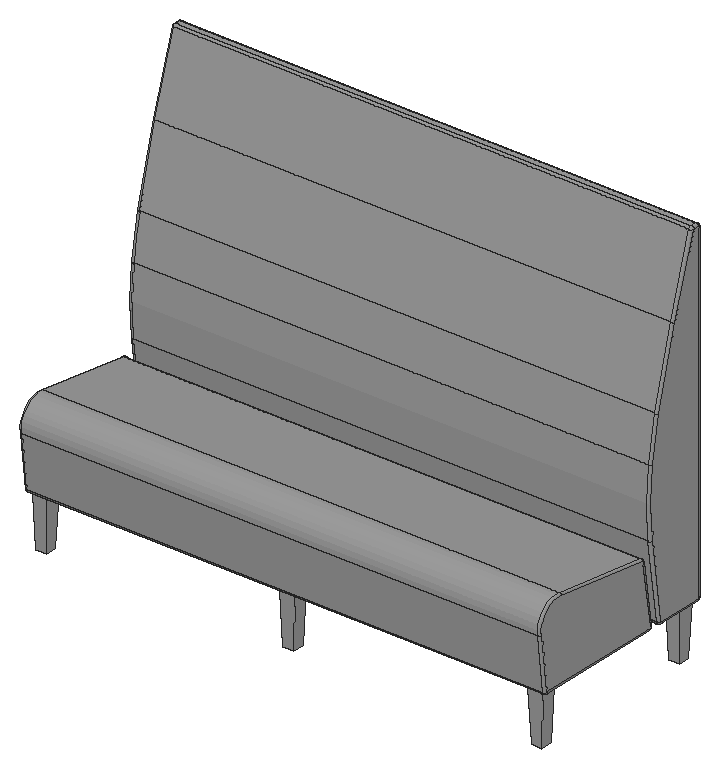
Revit family "Rise Booth_RS-7254", category Furniture, Revit 2023
Family settings
  OmniClass Number = 23.40.20.00
  OmniClass Title = General Furniture and Specialties
  Work Plane-Based = No
  Enable Cutting in Views = No
  Always vertical = Yes
  Cut with Voids When Loaded = No
  Render Appearance Source = Family Geometry
  Shared = No
  Room Calculation Point = No
Parameters
  Wooden Legs = WOOD
  Width = 72"
  Seat Fabrics = FABRICS TYPE 2
  Metal Black = METAL
  Length = 28"
  Height = 54"
  Default Elevation = 0"
  Back fabrics = FABRICS TYPE 1
Reference planes (in)
  plane 1 "Center Front/Back": y = 0
  plane 2: z = 0
  plane 3 "Center Left/Right": x = 0
  plane 4: x = -36
  plane 5: x = 36
  plane 6: y = 14
  plane 7: y = -14
  plane 8: y = 4
  plane 9: z = 54
  plane 10: z = 7.125
  plane 11: z = 18
Forms (in)
  Extrusion 1, solid, material "FABRICS TYPE 1" <- "Back fabrics"
    sketch origin (0, 0, 0) x (0, 1, 0) y (0, 0, 1)
      loop
        arc (14, 53.55225) -> (13.86886, 53.86886) -> (13.55225, 54) r 0.44775
        line (13.55225, 54) -> (12.79202, 54)
        arc (12.79202, 54) -> (12.55679, 53.92313) -> (12.41234, 53.72219) r 0.39835
        line (12.41234, 53.72219) -> (9.21261, 43.64361)
        arc (9.21261, 43.64361) -> (7.73814, 38.60349) -> (6.49501, 33.50139) r 115.13526
        arc (6.49501, 33.50139) -> (5.91253, 30.55781) -> (5.45312, 27.59254) r 72.04601
        arc (5.45312, 27.59254) -> (5.10664, 22.87975) -> (5.32202, 18.15915) r 39.73902
        arc (5.32202, 18.15915) -> (5.98315, 12.80974) -> (6.83509, 7.48739) r 150.7521
        arc (6.83509, 7.48739) -> (6.98564, 7.22756) -> (7.26787, 7.125) r 0.43962
        line (7.26787, 7.125) -> (13.5, 7.125)
        arc (13.5, 7.125) -> (13.85355, 7.27145) -> (14, 7.625) r 0.5
        line (14, 7.625) -> (14, 53.55225)
    from -36 to 36
  Extrusion 2, solid, material "FABRICS TYPE 2" <- "Seat Fabrics"
    sketch origin (0, 0, 0) x (0, 1, 0) y (0, 0, 1)
      loop
        line (-12.56138, 7.125) -> (5.07115, 7.125)
        arc (5.07115, 7.125) -> (5.51314, 7.33712) -> (5.62418, 7.81463) r 0.56656
        arc (5.62418, 7.81463) -> (4.82944, 11.97739) -> (4.28857, 16.18068) r 69.86093
        arc (4.28857, 16.18068) -> (4.15185, 16.47799) -> (3.86054, 16.62707) r 0.5
        line (3.86054, 16.62707) -> (-10.07446, 18.5855)
        arc (-10.07446, 18.5855) -> (-12.88253, 17.65503) -> (-13.84567, 14.85799) r 3.33442
        line (-13.84567, 14.85799) -> (-12.88757, 7.41191)
        arc (-12.88757, 7.41191) -> (-12.77859, 7.20693) -> (-12.56138, 7.125) r 0.32888
    from -36 to 36
  Blend 3, solid, material "WOOD" <- "Wooden Legs"
    base sketch origin (-12.125, 0.875, 0) x (1, 0, 0) y (0, 1, 0)
      loop
        line (-23.11486, -11.38619) -> (-23.11486, -13.38619) -> (-21.11486, -13.38619) -> (-21.11486, -11.38619) -> (-23.11486, -11.38619)
    top sketch origin (-12.125, 0.875, 0) x (1, 0, 0) y (0, 1, 0)
      loop
        line (-22.88259, -11.62525) -> (-22.88259, -13.12525) -> (-21.38259, -13.12525) -> (-21.38259, -11.62525) -> (-22.88259, -11.62525)
    from 7.125 to 0
  Blend 4, solid, material "WOOD" <- "Wooden Legs"
    base sketch origin (12.1875, 0.875, 0) x (-1, 0, 0) y (0, -1, 0)
      loop
        line (-23.11486, 11.38619) -> (-21.11486, 11.38619) -> (-21.11486, 13.38619) -> (-23.11486, 13.38619) -> (-23.11486, 11.38619)
    top sketch origin (12.1875, 0.875, 0) x (-1, 0, 0) y (0, -1, 0)
      loop
        line (-22.88259, 11.62525) -> (-21.38259, 11.62525) -> (-21.38259, 13.12525) -> (-22.88259, 13.12525) -> (-22.88259, 11.62525)
    from 7.125 to 0
  Blend 5, solid, material "WOOD" <- "Wooden Legs"
    base sketch origin (-12.125, -0.125, 0) x (1, 0, 0) y (0, 1, 0)
      loop
        line (-23.11486, 11.38619) -> (-21.11486, 11.38619) -> (-21.11486, 13.38619) -> (-23.11486, 13.38619) -> (-23.11486, 11.38619)
    top sketch origin (-12.125, -0.125, 0) x (1, 0, 0) y (0, 1, 0)
      loop
        line (-22.88259, 11.62525) -> (-21.38259, 11.62525) -> (-21.38259, 13.12525) -> (-22.88259, 13.12525) -> (-22.88259, 11.62525)
    from 7.125 to 0
  Blend 6, solid, material "WOOD" <- "Wooden Legs"
    base sketch origin (12.1875, -0.125, 0) x (-1, 0, 0) y (0, -1, 0)
      loop
        line (-23.11486, -11.38619) -> (-23.11486, -13.38619) -> (-21.11486, -13.38619) -> (-21.11486, -11.38619) -> (-23.11486, -11.38619)
    top sketch origin (12.1875, -0.125, 0) x (-1, 0, 0) y (0, -1, 0)
      loop
        line (-22.88259, -11.62525) -> (-22.88259, -13.12525) -> (-21.38259, -13.12525) -> (-21.38259, -11.62525) -> (-22.88259, -11.62525)
    from 7.125 to 0
  Extrusion 7, solid, material "METAL" <- "Metal Black"
    sketch origin (0, 0, 0) x (0, 1, 0) y (0, 0, 1)
      loop
        line (5.61567, 7.85565) -> (6.81303, 7.85565)
        arc (6.81303, 7.85565) -> (6.64408, 8.90822) -> (6.4795, 9.96148) r 256.70841
        line (6.4795, 9.96148) -> (5.16771, 9.96148)
        arc (5.16771, 9.96148) -> (5.37445, 8.9049) -> (5.61567, 7.85565) r 32.88629
    from -33.23986 to 33.30236
  Blend 8, solid, material "WOOD" <- "Wooden Legs"
    base sketch origin (22.11486, 0.875, 0) x (1, 0, 0) y (0, 1, 0)
      loop
        line (-23.11486, -11.38619) -> (-23.11486, -13.38619) -> (-21.11486, -13.38619) -> (-21.11486, -11.38619) -> (-23.11486, -11.38619)
    top sketch origin (22.11486, 0.875, 0) x (1, 0, 0) y (0, 1, 0)
      loop
        line (-22.88259, -11.62525) -> (-22.88259, -13.12525) -> (-21.38259, -13.12525) -> (-21.38259, -11.62525) -> (-22.88259, -11.62525)
    from 7.125 to 0
  Blend 9, solid, material "WOOD" <- "Wooden Legs"
    base sketch origin (22.11486, -0.125, 0) x (1, 0, 0) y (0, 1, 0)
      loop
        line (-23.11486, 11.38619) -> (-21.11486, 11.38619) -> (-21.11486, 13.38619) -> (-23.11486, 13.38619) -> (-23.11486, 11.38619)
    top sketch origin (22.11486, -0.125, 0) x (1, 0, 0) y (0, 1, 0)
      loop
        line (-22.88259, 11.62525) -> (-21.38259, 11.62525) -> (-21.38259, 13.12525) -> (-22.88259, 13.12525) -> (-22.88259, 11.62525)
    from 7.125 to 0
  Sweep 10, void
    path in 3D
      loop
        arc (-36, 14, 7.625) -> (-36, 13.85355, 7.27145) -> (-36, 13.5, 7.125) r 0.5
        line (-36, 13.5, 7.125) -> (-36, 7.26787, 7.125)
        arc (-36, 7.26787, 7.125) -> (-36, 6.98564, 7.22756) -> (-36, 6.83509, 7.48739) r 0.43962
        arc (-36, 6.83509, 7.48739) -> (-36, 5.98315, 12.80974) -> (-36, 5.32202, 18.15915) r 150.7521
        arc (-36, 5.32202, 18.15915) -> (-36, 5.10664, 22.87975) -> (-36, 5.45312, 27.59254) r 39.73902
        arc (-36, 5.45312, 27.59254) -> (-36, 5.91253, 30.55781) -> (-36, 6.49501, 33.50139) r 72.04601
        arc (-36, 6.49501, 33.50139) -> (-36, 7.73814, 38.60349) -> (-36, 9.21261, 43.64361) r 115.13526
        line (-36, 9.21261, 43.64361) -> (-36, 12.41234, 53.72219)
        arc (-36, 12.41234, 53.72219) -> (-36, 12.55679, 53.92313) -> (-36, 12.79202, 54) r 0.39835
        line (-36, 12.79202, 54) -> (-36, 13.55225, 54)
        arc (-36, 13.55225, 54) -> (-36, 13.86886, 53.86886) -> (-36, 14, 53.55225) r 0.44775
        line (-36, 14, 53.55225) -> (-36, 14, 7.625)
    profile origin (-36, 14, 30.58863) x (-1, 0, 0) y (0, -1, 0)
      loop
        line (0, 0) -> (0, 0.35058)
        arc (0, 0.35058) -> (-0.10268, 0.10268) -> (-0.35058, 0) r 0.35058
        line (-0.35058, 0) -> (0, 0)
  Sweep 11, void
    path in 3D
      loop
        arc (36, 14, 53.55225) -> (36, 13.86886, 53.86886) -> (36, 13.55225, 54) r 0.44775
        line (36, 13.55225, 54) -> (36, 12.79202, 54)
        arc (36, 12.79202, 54) -> (36, 12.55679, 53.92313) -> (36, 12.41234, 53.72219) r 0.39835
        line (36, 12.41234, 53.72219) -> (36, 9.21261, 43.64361)
        arc (36, 9.21261, 43.64361) -> (36, 7.73814, 38.60349) -> (36, 6.49501, 33.50139) r 115.13526
        arc (36, 6.49501, 33.50139) -> (36, 5.91253, 30.55781) -> (36, 5.45312, 27.59254) r 72.04601
        arc (36, 5.45312, 27.59254) -> (36, 5.10664, 22.87975) -> (36, 5.32202, 18.15915) r 39.73902
        arc (36, 5.32202, 18.15915) -> (36, 5.98315, 12.80974) -> (36, 6.83509, 7.48739) r 150.7521
        arc (36, 6.83509, 7.48739) -> (36, 6.98564, 7.22756) -> (36, 7.26787, 7.125) r 0.43962
        line (36, 7.26787, 7.125) -> (36, 13.5, 7.125)
        arc (36, 13.5, 7.125) -> (36, 13.85355, 7.27145) -> (36, 14, 7.625) r 0.5
        line (36, 14, 7.625) -> (36, 14, 53.55225)
    profile origin (36, 14, 30.58863) x (0, -1, 0) y (1, 0, 0)
      loop
        line (0, 0) -> (0, -0.35035)
        arc (0, -0.35035) -> (0.10261, -0.10261) -> (0.35035, 0) r 0.35035
        line (0.35035, 0) -> (0, 0)
  Sweep 12, void
    path in 3D
      loop
        arc (-36, -12.56138, 7.125) -> (-36, -12.77859, 7.20693) -> (-36, -12.88757, 7.41191) r 0.32888
        line (-36, -12.88757, 7.41191) -> (-36, -13.84567, 14.85799)
        arc (-36, -13.84567, 14.85799) -> (-36, -12.88253, 17.65503) -> (-36, -10.07446, 18.5855) r 3.33442
        line (-36, -10.07446, 18.5855) -> (-36, 3.86054, 16.62707)
        arc (-36, 3.86054, 16.62707) -> (-36, 4.15185, 16.47799) -> (-36, 4.28857, 16.18068) r 0.5
        arc (-36, 4.28857, 16.18068) -> (-36, 4.82944, 11.97739) -> (-36, 5.62418, 7.81463) r 69.86093
        arc (-36, 5.62418, 7.81463) -> (-36, 5.51314, 7.33712) -> (-36, 5.07115, 7.125) r 0.56656
        line (-36, 5.07115, 7.125) -> (-36, -12.56138, 7.125)
    profile origin (-36, -3.74511, 7.125) x (-1, 0, 0) y (0, 0, -1)
      loop
        line (0, 0) -> (-0.30174, 0)
        arc (-0.30174, 0) -> (-0.08838, -0.08838) -> (0, -0.30174) r 0.30174
        line (0, -0.30174) -> (0, 0)
  Sweep 13, void
    path in 3D
      loop
        arc (36, 5.07115, 7.125) -> (36, 5.51314, 7.33712) -> (36, 5.62418, 7.81463) r 0.56656
        arc (36, 5.62418, 7.81463) -> (36, 4.82944, 11.97739) -> (36, 4.28857, 16.18068) r 69.86093
        arc (36, 4.28857, 16.18068) -> (36, 4.15185, 16.47799) -> (36, 3.86054, 16.62707) r 0.5
        line (36, 3.86054, 16.62707) -> (36, -10.07446, 18.5855)
        arc (36, -10.07446, 18.5855) -> (36, -12.88253, 17.65503) -> (36, -13.84567, 14.85799) r 3.33442
        line (36, -13.84567, 14.85799) -> (36, -12.88757, 7.41191)
        arc (36, -12.88757, 7.41191) -> (36, -12.77859, 7.20693) -> (36, -12.56138, 7.125) r 0.32888
        line (36, -12.56138, 7.125) -> (36, 5.07115, 7.125)
    profile origin (36, -3.74511, 7.125) x (1, 0, 0) y (0, 0, -1)
      loop
        line (0, 0) -> (-0.29632, 0)
        arc (-0.29632, 0) -> (-0.08679, -0.08679) -> (0, -0.29632) r 0.29632
        line (0, -0.29632) -> (0, 0)
Cuts and joins
  Sweep 10, Sweep 11 cuts Extrusion 1
  Sweep 12, Sweep 13 cuts Extrusion 2
Lines and regions (in)
  sketch lines
    curve 1: line (-36, 14, 53.55225) -> (-36, 14, 7.625)
    curve 2: arc (-36, 13.5, 7.125) -> (-36, 13.85355, 7.27145) -> (-36, 14, 7.625) r 0.5
    curve 3: line (-36, 13.5, 7.125) -> (-36, 7.26787, 7.125)
    curve 4: arc (-36, 6.83509, 7.48739) -> (-36, 6.98564, 7.22756) -> (-36, 7.26787, 7.125) r 0.43962
    curve 5: arc (-36, 5.32202, 18.15915) -> (-36, 5.98315, 12.80974) -> (-36, 6.83509, 7.48739) r 150.7521
    curve 6: arc (-36, 5.45312, 27.59254) -> (-36, 5.10664, 22.87975) -> (-36, 5.32202, 18.15915) r 39.73902
    curve 7: arc (-36, 6.49501, 33.50139) -> (-36, 5.91253, 30.55781) -> (-36, 5.45312, 27.59254) r 72.04601
    curve 8: arc (-36, 9.21261, 43.64361) -> (-36, 7.73814, 38.60349) -> (-36, 6.49501, 33.50139) r 115.13526
    curve 9: line (-36, 9.21261, 43.64361) -> (-36, 12.41234, 53.72219)
    curve 10: arc (-36, 12.79202, 54) -> (-36, 12.55679, 53.92313) -> (-36, 12.41234, 53.72219) r 0.39835
    curve 11: line (-36, 12.79202, 54) -> (-36, 13.55225, 54)
    curve 12: arc (-36, 14, 53.55225) -> (-36, 13.86886, 53.86886) -> (-36, 13.55225, 54) r 0.44775
    curve 13: line (36, 14, 7.625) -> (36, 14, 53.55225)
    curve 14: arc (36, 13.55225, 54) -> (36, 13.86886, 53.86886) -> (36, 14, 53.55225) r 0.44775
    curve 15: line (36, 13.55225, 54) -> (36, 12.79202, 54)
    curve 16: arc (36, 12.41234, 53.72219) -> (36, 12.55679, 53.92313) -> (36, 12.79202, 54) r 0.39835
    curve 17: line (36, 12.41234, 53.72219) -> (36, 9.21261, 43.64361)
    curve 18: arc (36, 6.49501, 33.50139) -> (36, 7.73814, 38.60349) -> (36, 9.21261, 43.64361) r 115.13526
    curve 19: arc (36, 5.45312, 27.59254) -> (36, 5.91253, 30.55781) -> (36, 6.49501, 33.50139) r 72.04601
    curve 20: arc (36, 5.32202, 18.15915) -> (36, 5.10664, 22.87975) -> (36, 5.45312, 27.59254) r 39.73902
    curve 21: arc (36, 6.83509, 7.48739) -> (36, 5.98315, 12.80974) -> (36, 5.32202, 18.15915) r 150.7521
    curve 22: arc (36, 7.26787, 7.125) -> (36, 6.98564, 7.22756) -> (36, 6.83509, 7.48739) r 0.43962
    curve 23: line (36, 7.26787, 7.125) -> (36, 13.5, 7.125)
    curve 24: arc (36, 14, 7.625) -> (36, 13.85355, 7.27145) -> (36, 13.5, 7.125) r 0.5
    curve 25: line (-36, 5.07115, 7.125) -> (-36, -12.56138, 7.125)
    curve 26: line (-36, -12.88757, 7.41191) -> (-36, -13.84567, 14.85799)
    curve 27: arc (-36, -12.88757, 7.41191) -> (-36, -12.77859, 7.20693) -> (-36, -12.56138, 7.125) r 0.32888
    curve 28: arc (-36, -10.07446, 18.5855) -> (-36, -12.88253, 17.65503) -> (-36, -13.84567, 14.85799) r 3.33442
    curve 29: line (-36, -10.07446, 18.5855) -> (-36, 3.86054, 16.62707)
    curve 30: arc (-36, 4.28857, 16.18068) -> (-36, 4.15185, 16.47799) -> (-36, 3.86054, 16.62707) r 0.5
    curve 31: arc (-36, 5.62418, 7.81463) -> (-36, 4.82944, 11.97739) -> (-36, 4.28857, 16.18068) r 69.86093
    curve 32: arc (-36, 5.07115, 7.125) -> (-36, 5.51314, 7.33712) -> (-36, 5.62418, 7.81463) r 0.56656
    curve 33: line (36, -12.56138, 7.125) -> (36, 5.07115, 7.125)
    curve 34: arc (36, -12.56138, 7.125) -> (36, -12.77859, 7.20693) -> (36, -12.88757, 7.41191) r 0.32888
    curve 35: line (36, -13.84567, 14.85799) -> (36, -12.88757, 7.41191)
    curve 36: arc (36, -13.84567, 14.85799) -> (36, -12.88253, 17.65503) -> (36, -10.07446, 18.5855) r 3.33442
    curve 37: line (36, 3.86054, 16.62707) -> (36, -10.07446, 18.5855)
    curve 38: arc (36, 3.86054, 16.62707) -> (36, 4.15185, 16.47799) -> (36, 4.28857, 16.18068) r 0.5
    curve 39: arc (36, 4.28857, 16.18068) -> (36, 4.82944, 11.97739) -> (36, 5.62418, 7.81463) r 69.86093
    curve 40: arc (36, 5.62418, 7.81463) -> (36, 5.51314, 7.33712) -> (36, 5.07115, 7.125) r 0.56656
Dimensions and locks (in)
  equal spacing: plane 4, plane 3 "Center Left/Right", plane 5
  equal spacing: plane 6, plane 1 "Center Front/Back", plane 7
  "Length": plane 6 to plane 7
  "Width": plane 4 to plane 5
  plane 6 to plane 8 = 10"
  "Height": plane 9 to level
  aligned and locked: level to plane 2
  aligned and locked: Blend 5 to Extrusion 7
  aligned and locked: Extrusion 7 to Blend 6
  aligned and locked: Extrusion 2 to plane 4
  aligned and locked: plane 5 to Extrusion 2
  aligned and locked: plane 5 to Extrusion 1
  aligned and locked: Extrusion 1 to plane 4
Automatic sketch dimensions
  Extrusion 1 sketch curve to plane 10 = 0"
  Extrusion 1 sketch curve to plane 9 = 0"
  Extrusion 1 sketch curve to plane 6 = 0"
  Extrusion 1 sketch curve to plane 6 = 0.44775"
  Extrusion 1 sketch curve to plane 6 = 0.5"
  Extrusion 1 sketch curve to Extrusion 1 sketch curve = 0.76023"
  Extrusion 1 sketch curve to plane 9 = 0.27781"
  Extrusion 1 sketch curve to Extrusion 1 sketch curve = 0.37968"
  Extrusion 1 sketch curve to plane 6 = 4.78739"
  plane 10 to Extrusion 1 sketch curve = 0.43962"
  plane 8 to Extrusion 1 sketch curve = 3.26787"
  plane 11 to Extrusion 1 sketch curve = 4.32751"
  plane 6 to Extrusion 1 sketch curve = 30.84182"
  plane 11 to Extrusion 1 sketch curve = 0.04716"
  Extrusion 1 sketch curve to Extrusion 1 sketch curve = 32.02218"
  plane 10 to Extrusion 1 sketch curve = 1.6793"
  Extrusion 1 sketch curve to Extrusion 1 sketch curve = 42.08626"
  plane 11 to Extrusion 1 sketch curve = 15.97207"
  Extrusion 1 sketch curve to Extrusion 1 sketch curve = 36.29223"
  Extrusion 1 sketch curve to plane 9 = 10.35639"
  Extrusion 1 sketch curve to Extrusion 1 sketch curve = 0"  (x3)
  Extrusion 2 sketch curve to plane 10 = 0"
  plane 7 to Extrusion 2 sketch curve = 0.15433"
  plane 10 to Extrusion 2 sketch curve = 0.28691"
  plane 7 to Extrusion 2 sketch curve = 1.11243"
  Extrusion 2 sketch curve to Extrusion 2 sketch curve = 0.32619"
  Extrusion 2 sketch curve to Extrusion 2 sketch curve = 3.30716"
  plane 11 to Extrusion 2 sketch curve = 0.5855"
  Extrusion 2 sketch curve to Extrusion 2 sketch curve = 0.46406"
  Extrusion 2 sketch curve to plane 8 = 0.20905"
  Extrusion 2 sketch curve to plane 8 = 0.13946"
  plane 8 to Extrusion 2 sketch curve = 1.07115"
  plane 11 to Extrusion 2 sketch curve = 4.99097"
  plane 6 to Extrusion 2 sketch curve = 59.81676"
  Extrusion 2 sketch curve to Extrusion 2 sketch curve = 0.56656"
  Extrusion 2 sketch curve to plane 11 = 3.14201"
  Extrusion 2 sketch curve to plane 11 = 1.86807"
  Extrusion 2 sketch curve to Extrusion 2 sketch curve = 0.49513"
  Extrusion 2 sketch curve to Extrusion 2 sketch curve = 0"
  plane 4 to Blend 3 sketch curve = 0.76014"
  Blend 3 sketch curve to Blend 3 sketch curve = 2"  (x2)
  plane 7 to Blend 3 sketch curve = 1.48881"
  plane 4 to Blend 3 sketch curve = 0.99241"
  Blend 3 sketch curve to Blend 3 sketch curve = 1.5"  (x2)
  plane 7 to Blend 3 sketch curve = 1.74975"
  Blend 4 sketch curve to plane 5 = 0.69764"
  Blend 4 sketch curve to Blend 4 sketch curve = 2"
  plane 7 to Blend 4 sketch curve = 3.48881"
  plane 7 to Blend 4 sketch curve = 1.48881"
  Blend 4 sketch curve to plane 5 = 0.92991"
  Blend 4 sketch curve to Blend 4 sketch curve = 1.5"  (x2)
  plane 7 to Blend 4 sketch curve = 3.24975"
  plane 4 to Blend 5 sketch curve = 0.76014"
  Blend 5 sketch curve to plane 6 = 0.73881"
  Blend 5 sketch curve to Blend 5 sketch curve = 2"  (x2)
  plane 4 to Blend 5 sketch curve = 0.99241"
  Blend 5 sketch curve to Blend 5 sketch curve = 1.5"
  Blend 5 sketch curve to plane 6 = 2.49975"
  Blend 5 sketch curve to plane 6 = 0.99975"
  Blend 6 sketch curve to plane 5 = 0.69764"
  Blend 6 sketch curve to plane 6 = 0.73881"
  Blend 6 sketch curve to Blend 6 sketch curve = 2"  (x2)
  Blend 6 sketch curve to plane 5 = 0.92991"
  Blend 6 sketch curve to Blend 6 sketch curve = 1.5"  (x2)
  Blend 6 sketch curve to plane 6 = 0.99975"
  plane 8 to Extrusion 7 sketch curve = 1.16771"
  plane 10 to Extrusion 7 sketch curve = 0.73065"
  Extrusion 7 sketch curve to Extrusion 7 sketch curve = 0.44796"
  Extrusion 7 sketch curve to Extrusion 7 sketch curve = 1.31179"
  Extrusion 7 sketch curve to Extrusion 7 sketch curve = 1.19736"
  Extrusion 7 sketch curve to plane 11 = 2.25251"
  Extrusion 7 sketch curve to Extrusion 7 sketch curve = 31.0615"
  Extrusion 7 sketch curve to plane 9 = 4.93374"
  Blend 8 sketch curve to plane 3 "Center Left/Right" = 1"
  plane 3 "Center Left/Right" to Blend 8 sketch curve = 1"
  plane 7 to Blend 8 sketch curve = 1.48881"
  Blend 8 sketch curve to Blend 8 sketch curve = 2"
  Blend 8 sketch curve to plane 3 "Center Left/Right" = 0.76773"
  plane 3 "Center Left/Right" to Blend 8 sketch curve = 0.73227"
  plane 7 to Blend 8 sketch curve = 1.74975"
  Blend 8 sketch curve to Blend 8 sketch curve = 1.5"
  Blend 9 sketch curve to plane 3 "Center Left/Right" = 1"
  plane 3 "Center Left/Right" to Blend 9 sketch curve = 1"
  Blend 9 sketch curve to plane 6 = 2.73881"
  Blend 9 sketch curve to plane 6 = 0.73881"
  Blend 9 sketch curve to plane 3 "Center Left/Right" = 0.76773"
  plane 3 "Center Left/Right" to Blend 9 sketch curve = 0.73227"
  Blend 9 sketch curve to plane 6 = 2.49975"
  Blend 9 sketch curve to plane 6 = 0.99975"
  Sweep 10 sketch curve to profile plane = 0"  (x2)
  Sweep 10 sketch curve to Sweep 10 sketch curve = 0.35058"
  Sweep 10 sketch curve to Sweep 10 sketch curve = 0"
  Sweep 11 sketch curve to profile plane = 0"  (x2)
  Sweep 11 sketch curve to profile plane = 0.35035"  (x2)
  Sweep 12 sketch curve to profile plane = 0"  (x2)
  profile plane to Sweep 12 sketch curve = 0.30174"  (x2)
  Sweep 13 sketch curve to profile plane = 0"
  profile plane to Sweep 13 sketch curve = 0"
  Sweep 13 sketch curve to Sweep 13 sketch curve = 0.29632"  (x2)
